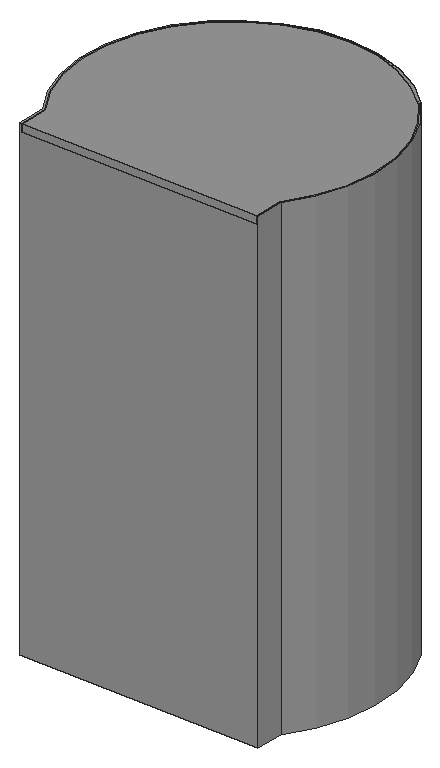
Revit family "3000 Björk Handdryer", category Furniture Systems, host Wall, Revit 2017
Family settings
  Host = Wall
  Round Connector Dimension = Use Diameter
  Part Type = Normal
  Always vertical = Yes
  Cut with Voids When Loaded = No
  Shared = No
  Room Calculation Point = No
Parameters (values of type "OSLO")
  URL = "http://www.dandryer.dk/da-dk/produkter/produktserie-%E2%80%93-bjork/3000-bjork-haandtoerrer--hvid"
  Type Image = <None>
  Surface Top = OSLO
  Surface Front = WHITE
  Model = "Björk-3000"
  Manufacturer = "Dan Dryer"
  Description = "Touch-free hand dryer"
  Cost = 0
Types (6, lengths in mm): name | Surface Top
  BIRK | BIRK
  GEO WHITE | GEO WHITE
  GRIGIO LONDRA | GRIGIO LONDRA
  NEGRO INGO | NEGRO INGO
  OSLO | OSLO
  BIANCO MALE | BIANCO MALE
Reference planes
  plane 1 "Wall": y = 0
  plane 2 "Center (Left/Right)": x = 125
  plane 3 "Back": y = 75
Forms (mm)
  Extrusion 1, solid, material "WHITE", not visible
    sketch origin (0, 0, 0) x (1, 0, 0) y (0, 1, 0)
      loop
        arc (42.212, 95.366) -> (42.426, 94.946) -> (42.5, 94.481) r 1.5
        line (42.5, 94.481) -> (42.5, 75.3) -> (43.7, 75.3) -> (43.7, 94.481)
        arc (43.7, 94.481) -> (43.567, 95.318) -> (43.181, 96.073) r 2.7
        arc (43.181, 96.073) -> (125, 257.1) -> (206.819, 96.073) r 101.3
        arc (206.819, 96.073) -> (206.433, 95.318) -> (206.3, 94.481) r 2.7
        line (206.3, 94.481) -> (206.3, 75.3) -> (207.5, 75.3) -> (207.5, 94.481)
        arc (207.5, 94.481) -> (207.574, 94.946) -> (207.788, 95.366) r 1.5
        arc (207.788, 95.366) -> (125, 258.3) -> (42.212, 95.366) r 102.5
    from 900 to 1230
  Extrusion 2, void, not visible
    sketch origin (207.5, 94.481, 0) x (0, 1, 0) y (0, 0, -1)
      loop
        line (-19.181, -1225) -> (-19.181, -1230) -> (6.154, -1230)
        arc (6.154, -1230) -> (3.068, -1228.36) -> (2.105, -1225) r 4.47
        line (2.105, -1225) -> (-19.181, -1225)
    from -10.952 to 170.161
  Extrusion 3, void, not visible
    sketch origin (207.5, 94.481, 2130) x (0, 1, 0) y (0, 0, -1)
      loop
        line (-19.181, 1225) -> (2.105, 1225)
        arc (2.105, 1225) -> (3.068, 1228.36) -> (6.154, 1230) r 4.47
        line (6.154, 1230) -> (-19.181, 1230) -> (-19.181, 1225)
    from -6 to 179.451
  Extrusion 4, solid, not visible
    sketch origin (207.5, 75.3, 907) x (0, 1, 0) y (-1, 0, 0)
      loop
        line (0, 163.8) -> (0, 1.2) -> (19.181, 1.2)
        arc (19.181, 1.2) -> (20.018, 1.067) -> (20.773, 0.681) r 2.7
        arc (20.773, 0.681) -> (181.8, 82.5) -> (20.773, 164.319) r 101.3
        arc (20.773, 164.319) -> (20.018, 163.933) -> (19.181, 163.8) r 2.7
        line (19.181, 163.8) -> (0, 163.8)
    from 0 to -2
  Extrusion 5, void, not visible
    sketch origin (206.3, 75.3, 0) x (-1, 0, 0) y (0, 0, 1)
      loop
        arc (83.312, 976) -> (81.303, 978.014) -> (79.288, 976) r 2.012
        line (79.288, 976) -> (79.285, 930)
        arc (79.285, 930) -> (81.297, 927.986) -> (83.312, 930) r 2.012
        line (83.312, 930) -> (83.312, 976)
    from 174.915 to 189.234
  Extrusion 6, solid, not visible
    sketch origin (206.3, 75.3, 0) x (1, 0, 0) y (0, 0, 1)
      loop
        line (-83.312, 975.984) -> (-83.312, 930)
        arc (-83.312, 930) -> (-81.291, 928.118) -> (-79.287, 930.016) r 2.015
        line (-79.287, 930.016) -> (-79.288, 976)
        arc (-79.288, 976) -> (-81.309, 977.882) -> (-83.312, 975.984) r 2.015
    from -182.98 to -174.915
  Extrusion 7, solid, material "Mat Sort", not visible
    sketch origin (0, 0, 0) x (1, 0, 0) y (0, 1, 0)
      loop
        arc (42.212, 95.366) -> (42.426, 94.946) -> (42.5, 94.481) r 1.5
        line (42.5, 94.481) -> (42.5, 75.3) -> (43.7, 75.3) -> (43.7, 94.481)
        arc (43.7, 94.481) -> (43.567, 95.318) -> (43.181, 96.073) r 2.7
        arc (43.181, 96.073) -> (125, 257.1) -> (206.819, 96.073) r 101.3
        arc (206.819, 96.073) -> (206.433, 95.318) -> (206.3, 94.481) r 2.7
        line (206.3, 94.481) -> (206.3, 75.3) -> (207.5, 75.3) -> (207.5, 94.481)
        arc (207.5, 94.481) -> (207.574, 94.946) -> (207.788, 95.366) r 1.5
        arc (207.788, 95.366) -> (125, 258.3) -> (42.212, 95.366) r 102.5
    from 900 to 1230
Text (mm)
  text "Placement Side" at (-1848.837, 1116.779, 0), in view "Ref. Level"
  text "Placement side" at (0, 1409.804, 2854.306), in view "Left"
  text "Placement side" at (0, 499.811, 2980.732), in view "Right"
Dimensions and locks
  locked: plane 3 "Back" to host wall
  aligned and locked: plane 1 "Wall" to host wall
  aligned and locked: plane 3 "Back" to nested 1  (x2)
Nested families
  nested 1: "Master Handdryer" at (125, 75, 1100), type "Master Handdryer"
Definition of nested family "Master Handdryer"
  Parameters (values of type "Master Handdryer")
    Surface Top = none
    Surface Front = none
  Reference planes
    plane 1 "Center (Front/Back)": y = 0
    plane 2: z = 0
    plane 3 "Center (Left/Right)": x = 0
  Forms (mm)
    Extrusion 1, solid, material <- "Surface Front"
      sketch origin (0, 0, 0) x (1, 0, 0) y (0, 1, 0)
        loop
          arc (82.5, 19.672) -> (0, 183) -> (-82.5, 19.672) r 102.5
          line (-82.5, 19.672) -> (-82.5, 0) -> (82.5, 0) -> (82.5, 19.672)
      from 0 to 330
    Extrusion 2, solid, material <- "Surface Top"
      sketch origin (0, 0, 330) x (1, 0, 0) y (0, 1, 0)
        loop
          arc (81.3, 20.068) -> (0, 181.8) -> (-81.3, 20.068) r 101.3
          line (-81.3, 20.068) -> (-81.3, 0) -> (81.3, 0) -> (81.3, 20.068)
      from 0 to -5
    Extrusion 3, void
      sketch origin (0, 0, 0) x (1, 0, 0) y (0, 1, 0)
        loop
          line (-81.3, 0) -> (81.3, 0) -> (81.3, 20.068)
          arc (81.3, 20.068) -> (0, 181.8) -> (-81.3, 20.068) r 101.3
          line (-81.3, 20.068) -> (-81.3, 0)
      from 325 to 330
  Cuts and joins
    Extrusion 3 cuts Extrusion 1
  Dimensions and locks
    aligned and locked: level to plane 2
